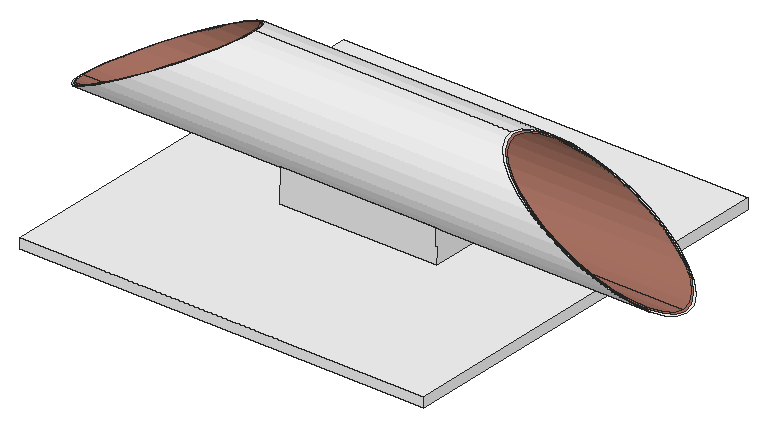
Revit family "BE_51057.6_de_DE", category Leuchten, Revit 2020
Family settings
  Basisbauteil = Fläche
  Bemaßung runder Anschluss = Durchmesser verwenden
  Teiletyp = Normal
  Beim Laden mit Abzugskörper schneiden = Ja
  Lichtquelle = Ja
  Gemeinsam genutzt = Nein
  Raumberechnungspunkt = Ja
Parameters (values of type "BEGA_51057.6_K3")
  built-in parameter 1150104 = 12.727 (stored number, unit not read)
  Wattage = 24.6 W
  Default Elevation = 0 mm
  built-in parameter 1150113 = 1 (stored number, unit not read)
  built-in parameter 1114218 = 1 (stored number, unit not read)
  Umgebungstemperatur = "25 °C"
  URL = "https://www.bega.com/de/produkt/51057.6"
  Typenkommentare = "© 2023 BEGA. Wir behalten uns das Recht vor, technische Änderungen ohne vorherige Ankündigung vorzunehmen."  # constant formula
  built-in parameter 1150134 = (empty or 0)
  built-in parameter 1150109 = 1 (stored number, unit not read)
  built-in parameter 1150110 = 1 (stored number, unit not read)
  Spannung = 239.996 V
  Sonderanfertigung = no
  Seriennummer [instance] = "Hier können Sie die eindeutige Seriennummer für das Facility Management eintragen."
  Schutzklasse = "I"
  Schutzart = "IP 20"
  Scheinlast = 0 VA
  Produktdatenblatt = "https://cdn.bega.com/bega/products/51057.6K3/current/documents/data-sheets/de"
  Neigungswinkel = 0.00°
  Modell = "51057.6K3"
  Material_34 = BEGA_Oberfläche_Samtweiss_matt
  Material_29 = BEGA_Oberfläche_Kupfer_matt
  Material_21 = BEGA_Oberfläche_Aluminium_matt
  Material_15 = BEGA_Leuchtmedium_matt
  Material_13 = BEGA_Kunststoff_matt
  M_W = no
  M_G = no
  M_A = no
  Logo = 0
  built-in parameter 1114217 = 1 (stored number, unit not read)
  built-in parameter 1150139 = (empty or 0)
  built-in parameter 1150105 = 3370 (stored number, unit not read)
  built-in parameter 1150114 = 1 (stored number, unit not read)
  Lumens = 3369.95 lm
  built-in parameter 1150115 = 1 (stored number, unit not read)
  Leuchtenlichtstrom = "567 lm"
  Lebensdauerkriterien = "L70B50 @ 25 °C = 130000 h"
  Lastklassifizierung = Beleuchtung
  built-in parameter 1150112 = 1 (stored number, unit not read)
  Lampenlichtstrom = "3370 lm"
  Lampe = "LED 24.6 W"
  LED_Modulbezeichnung = "2x LED-0986/930"
  Hersteller = "BEGA"  # constant formula
  Gewicht = "1.45 kg"
  Frequenz = "0/50-60 Hz"
  Farbwiedergabeindex = "CRI > 90"
  Farbtemperaturverschiebung bei Dämpfen der Lampe = <Keine Auswahl>
  Farbtemperatur = "3000 K"
  Color Filter = 16777215
  built-in parameter 1150133 = 10 (stored number, unit not read)
  Energieeffizienzklasse = "LED A++ - A"
  built-in parameter 1150137 = (empty or 0)
  built-in parameter 1150132 = (empty or 0)
  Dimmbar [instance] = "DALI"
  Datei für fotometrisches Netz = "BE_51057-6K3.ies"
  CE_Konformität = "ja"
  Bestellnummer = "51057.6K3"
  Beschreibung_Sonderanfertigung = "Hier können Sie Informationen zur Sonderanfertigung eintragen."
  Beschreibung = "Wandleuchte"
  built-in parameter 1150106 = 33.7 (stored number, unit not read)
  Befestigungsbohrung = "Ø 4,5 mm"
  Befestigungsabstand = "90 x 38 mm"
  BEGA_Intern_aus = yes
  BEGA_Intern_an = yes
  BEGA_Intern_Konstruktion = yes
  BEGA_Intern = yes
  BEGA_IES = yes
  BEGA_Dummy = no
  Anschlussleistung [instance] = "28 W"
  built-in parameter 1150107 = 3000 (stored number, unit not read)
  built-in parameter 1150102 = (empty or 0)
  built-in parameter 1150138 = (empty or 0)
  Aktualisierung = "2023-01-25T04:00:03"
  AC/DC = "AC/DC"
Reference planes
  plane 1 "Mitte (Vorne/Hinten)": y = 0
  plane 2: z = 0
  plane 3 "Mitte (Links/Rechts)": x = 0
  plane 4 "Links": x = -300.251
  plane 5 "Rechts": x = 299.776
  plane 6 "Unten": y = -50
  plane 7 "Oben": y = 50
  plane 8 "Vorne": z = 121.048
Forms (mm)
  Extrusion 1, solid, material "BEGA_Platte_Weiss"
    sketch origin (0, -1119.2, 0) x (1, 0, 0) y (0, 1, 0)
      loop
        line (-200, 1319.2) -> (-200, 919.2) -> (200, 919.2) -> (200, 1319.2) -> (-200, 1319.2)
    from 0 to -10
  Extrusion 2, solid, material "BEGA_Dummy_matt", visible <- "BEGA_Dummy"
    sketch origin (82.418, -76.023, 9.621) x (1, 0, 0) y (0, 1, 0)
      loop
        line (-382.67, 126.023) -> (-382.67, 26.023) -> (217.358, 26.023) -> (217.358, 126.023) -> (-382.67, 126.023)
    from -9.621 to 111.427
Dimensions and locks
  plane 1 "Mitte (Vorne/Hinten)" to Extrusion 1 = 200 mm
  aligned and locked: plane 2 to Extrusion 1
  aligned and locked: level to Extrusion 1
Nested families
  nested 1: "BE_51057.6_Leuchte" at (0, 0, 0), type "BE_51057.6_Leuchte"
Connectors
  electrical at (0, 0, 0), driven by "Lastklassifizierung", driven by "Spannung", driven by "Scheinlast"
    settings: index 1, voltage 239.996 V, apparent load 0 VA, apparent load phase1 0 VA, apparent load phase2 0 VA, apparent load phase3 0 VA, power factor 1, load classification "Beleuchtung", number of poles 1, system type 31, power factor state 1, is connector primary yes, connector utility no, sub classification motor no, connector description ""
Definition of nested family "BE_51057.6_Leuchte"
  Parameters (values of type "BE_51057.6_Leuchte")
    Default Elevation = 1 mm
    URL = "http://www.bega.de/de/produkt"
    Type Comments = "© 2015 BEGA. Wir behalten uns das Recht vor, technische Änderungen ohne vorherige Ankündigung vorzunehmen. "  # constant formula
    Type Image = (empty or 0)
    Neigungswinkel_um_Z2 = 0.00°
    Neigungswinkel_um_Z1 = 0.00°
    Neigungswinkel_um_Y2 = 0.00°
    Neigungswinkel_um_Y1 = 0.00°
    Neigungswinkel_um_X2 = 0.00°
    Neigungswinkel_um_X1 = 0.00°
    Material_34 = none
    Material_29 = none
    Material_21 = none
    Material_15 = none
    Material_13 = none
    Länge_Platte = 200 mm  # constant formula
    Höhe_Platte = -10 mm  # constant formula
    Manufacturer = "BEGA"  # constant formula
    Drehwinkel_um_Z2 = 0.00°
    Drehwinkel_um_Z1 = 0.00°
    Breite_Platte = 200 mm  # constant formula
  Reference planes
    plane 1 "Mitte (Oben/Unten)": y = 0
    plane 2: z = 0
    plane 3 "Mitte (Links/Rechts)": x = 0
    plane 4: z = 121.048
    plane 5: z = 0
    plane 6: y = 50
    plane 7: y = -50
    plane 8: x = -300
    plane 9: x = 299.97
  Forms (mm)
    Extrusion 1, solid, detail levels medium
      sketch origin (0, 0, 0) x (1, 0, 0) y (0, 1, 0)
        loop
          line (-100, 100) -> (-100, -100) -> (100, -100) -> (100, 100) -> (-100, 100)
      from 0 to -10 <- "Höhe_Platte"
    Revolve 2, solid, material <- "Material_34"
      sketch origin (0, 0, 0) x (1, 0, 0) y (0, 0, 1)
        loop
          line (301.325, 121) -> (-303.759, 121) -> (-303.759, 120.091) -> (301.325, 120.091) -> (301.325, 121)
        axis (301.325, 71) -> (-303.759, 71)
      angle from 0 to 360
    Revolve 3, solid, material <- "Material_29"
      sketch origin (0, 0, 0) x (1, 0, 0) y (0, 0, 1)
        loop
          line (-303.759, 119) -> (301.325, 119) -> (301.325, 120.088) -> (-303.759, 120.088) -> (-303.759, 119)
        axis (301.325, 71) -> (-303.759, 71)
      angle from 0 to 360
    Extrusion 4, void
      sketch origin (0, 0, 0) x (1, 0, 0) y (0, 0, 1)
        loop
          line (126.765, 121) -> (301.325, 20.218) -> (301.325, 121) -> (126.765, 121)
        loop
          line (-126.824, 121) -> (-303.759, 121) -> (-303.759, 18.847) -> (-126.824, 121)
      from -52.548 to 52.668
    Extrusion 5, solid, material <- "Material_34"
      sketch origin (0, 0, 0) x (1, 0, 0) y (0, 0, 1)
        loop
          line (78.331, 0) -> (77.755, 33) -> (-75.814, 33) -> (-76.39, 0) -> (78.331, 0)
      from -32.86 to 32.86
    Extrusion 6, void
      sketch origin (0, 0, 0) x (0, 1, 0) y (0, 0, 1)
        loop
          circle (0, 71) r 49
      from -309.087 to 306.453
    Revolve 7, solid, material <- "Material_13"
      sketch origin (0, 0, 0) x (1, 0, 0) y (0, 0, 1)
        loop
          line (65.5, 118.5) -> (60.5, 118.5) -> (60.5, 71) -> (65.5, 71) -> (65.5, 118.5)
        loop
          line (-60.5, 71) -> (-60.5, 118.5) -> (-65.5, 118.5) -> (-65.5, 71) -> (-60.5, 71)
        axis (65.5, 71) -> (-65.5, 71)
      angle from 0 to 360
    Revolve 8, solid, material <- "Material_15"
      sketch origin (0, 0, 0) x (1, 0, 0) y (0, 0, 1)
        loop
          line (55.05, 75.506) -> (53.5, 75.506) -> (53.5, 64.317) -> (55.05, 64.317) -> (55.05, 75.506)
        loop
          line (-55.05, 64.317) -> (-53.5, 64.317) -> (-53.5, 75.506) -> (-55.05, 75.506) -> (-55.05, 64.317)
        axis (55.05, 64.317) -> (-55.05, 64.317)
      angle from 0 to 360
    Extrusion 9, void
      sketch origin (0, 0, 0) x (1, 0, 0) y (0, 1, 0)
        loop
          arc (-45.269, -17.971) -> (-47.519, -15.721) -> (-49.769, -17.971) r 2.25
          line (-49.769, -17.971) -> (-49.769, -21.471)
          arc (-49.769, -21.471) -> (-47.519, -23.721) -> (-45.269, -21.471) r 2.25
          line (-45.269, -21.471) -> (-45.269, -17.971)
        loop
          line (-30.519, -7.721) -> (-30.519, 6.279)
          arc (-30.519, 6.279) -> (-36.019, 11.779) -> (-41.519, 6.279) r 5.5
          line (-41.519, 6.279) -> (-41.519, -7.721)
          arc (-41.519, -7.721) -> (-36.019, -13.221) -> (-30.519, -7.721) r 5.5
        loop
          line (43.731, 20.529) -> (40.231, 20.529)
          arc (40.231, 20.529) -> (37.981, 18.279) -> (40.231, 16.029) r 2.25
          line (40.231, 16.029) -> (43.731, 16.029)
          arc (43.731, 16.029) -> (45.981, 18.279) -> (43.731, 20.529) r 2.25
      from 0 to 15.4
    Extrusion 10, solid, material <- "Material_21"
      sketch origin (0, 0, -1.56) x (0, 1, 0) y (0, 0, 1)
        loop
          line (25.898, 30.586) -> (25.153, 106.56) -> (-25.85, 106.56) -> (-25.1, 30.086)
          arc (-25.1, 30.086) -> (0.471, 23.002) -> (25.898, 30.586) r 48
      from -53.5 to 53.5
  Cuts and joins
    Extrusion 4, Extrusion 9 cuts Revolve 2
    Extrusion 4, Extrusion 9 cuts Revolve 3
    Extrusion 6, Extrusion 9 cuts Extrusion 5
  Dimensions and locks
    equal spacing: Extrusion 1 sketch curve, plane 3 "Mitte (Links/Rechts)", Extrusion 1 sketch curve
    equal spacing: Extrusion 1 sketch curve, plane 1 "Mitte (Oben/Unten)", Extrusion 1 sketch curve
    "Länge_Platte": Extrusion 1 sketch curve to Extrusion 1 sketch curve
    "Breite_Platte": Extrusion 1 sketch curve to Extrusion 1 sketch curve
    plane 1 "Mitte (Oben/Unten)" to Extrusion 1 = 100 mm  (x3)
    aligned and locked: plane 2 to Extrusion 1
    aligned and locked: level to Extrusion 1
  Automatic sketch dimensions
    Extrusion 5 sketch curve to level = 0 mm
    plane 3 "Mitte (Links/Rechts)" to Extrusion 5 sketch curve = 78.331 mm
    Extrusion 5 sketch curve to Extrusion 5 sketch curve = 0.576 mm  (x2)
    Extrusion 5 sketch curve to Extrusion 5 sketch curve = 153.569 mm
    level to Extrusion 5 sketch curve = 33 mm
    Extrusion 6 sketch curve to plane 1 "Mitte (Oben/Unten)" = 0 mm
    level to Extrusion 6 sketch curve = 71 mm
    plane 3 "Mitte (Links/Rechts)" to Revolve 7 sketch curve = 60.5 mm
    level to Revolve 7 sketch curve = 71 mm  (x2)
    Revolve 7 sketch curve to Revolve 7 sketch curve = 5 mm  (x2)
    Revolve 7 sketch curve to Revolve 7 sketch curve = 47.5 mm  (x2)
    Revolve 7 sketch curve to plane 3 "Mitte (Links/Rechts)" = 60.5 mm
    Revolve 8 sketch curve to plane 3 "Mitte (Links/Rechts)" = 53.5 mm
    plane 3 "Mitte (Links/Rechts)" to Revolve 8 sketch curve = 53.5 mm
    Revolve 8 sketch curve to Revolve 8 sketch curve = 1.55 mm  (x2)
    level to Revolve 8 sketch curve = 64.317 mm  (x2)
    Revolve 8 sketch curve to Revolve 8 sketch curve = 11.189 mm  (x2)
    plane 1 "Mitte (Oben/Unten)" to Extrusion 9 sketch curve = 17.971 mm
    Extrusion 9 sketch curve to plane 3 "Mitte (Links/Rechts)" = 49.769 mm
    Extrusion 9 sketch curve to Extrusion 9 sketch curve = 2.25 mm  (x2)
    Extrusion 9 sketch curve to Extrusion 9 sketch curve = 3.5 mm  (x3)
    Extrusion 9 sketch curve to plane 1 "Mitte (Oben/Unten)" = 6.279 mm
    Extrusion 9 sketch curve to Extrusion 9 sketch curve = 3.75 mm
    Extrusion 9 sketch curve to Extrusion 9 sketch curve = 5.5 mm
    plane 1 "Mitte (Oben/Unten)" to Extrusion 9 sketch curve = 7.721 mm
    Extrusion 9 sketch curve to plane 1 "Mitte (Oben/Unten)" = 18.279 mm
    plane 3 "Mitte (Links/Rechts)" to Extrusion 9 sketch curve = 43.731 mm
    Extrusion 9 sketch curve to Extrusion 9 sketch curve = 0 mm
    Extrusion 10 sketch curve to plane 1 "Mitte (Oben/Unten)" = 0 mm
    level to Extrusion 10 sketch curve = 69.44 mm
    plane 1 "Mitte (Oben/Unten)" to Extrusion 10 sketch curve = 25.1 mm
    Extrusion 10 sketch curve to Extrusion 10 sketch curve = 0.75 mm
    Extrusion 10 sketch curve to plane 1 "Mitte (Oben/Unten)" = 25.153 mm
    Extrusion 10 sketch curve to Extrusion 10 sketch curve = 0.745 mm
    Extrusion 10 sketch curve to Extrusion 10 sketch curve = 35.56 mm
    Extrusion 10 sketch curve to Extrusion 10 sketch curve = 75.974 mm
    Revolve 2 sketch curve to plane 4 = 0.957 mm
    plane 8 to Revolve 2 sketch curve = 3.759 mm
    Revolve 2 sketch curve to plane 4 = 0.048 mm
    plane 8 to Revolve 2 sketch curve = 5.759 mm
    Revolve 2 sketch curve to Revolve 2 sketch curve = 49.091 mm
    Revolve 3 sketch curve to plane 4 = 0.96 mm
    plane 8 to Revolve 3 sketch curve = 3.759 mm
    Revolve 3 sketch curve to Revolve 3 sketch curve = 1.088 mm
    plane 8 to Revolve 3 sketch curve = 5.759 mm
    Revolve 3 sketch curve to Revolve 3 sketch curve = 48 mm
    Extrusion 4 sketch curve to plane 4 = 0.048 mm  (x2)
    plane 8 to Extrusion 4 sketch curve = 3.759 mm
    Extrusion 4 sketch curve to plane 3 "Mitte (Links/Rechts)" = 126.824 mm
    plane 3 "Mitte (Links/Rechts)" to Extrusion 4 sketch curve = 126.765 mm
    level to Extrusion 4 sketch curve = 20.218 mm
    level to Extrusion 4 sketch curve = 18.847 mm
    plane 3 "Mitte (Links/Rechts)" to Revolve 2 sketch curve = 301.325 mm
    Revolve 2 sketch curve to Revolve 2 sketch curve = 3.084 mm
    plane 3 "Mitte (Links/Rechts)" to Revolve 3 sketch curve = 301.325 mm
    Revolve 3 sketch curve to Revolve 3 sketch curve = 3.084 mm
    Extrusion 4 sketch curve to Extrusion 4 sketch curve = 174.56 mm
    radius of Extrusion 6 sketch curve = 49 mm
